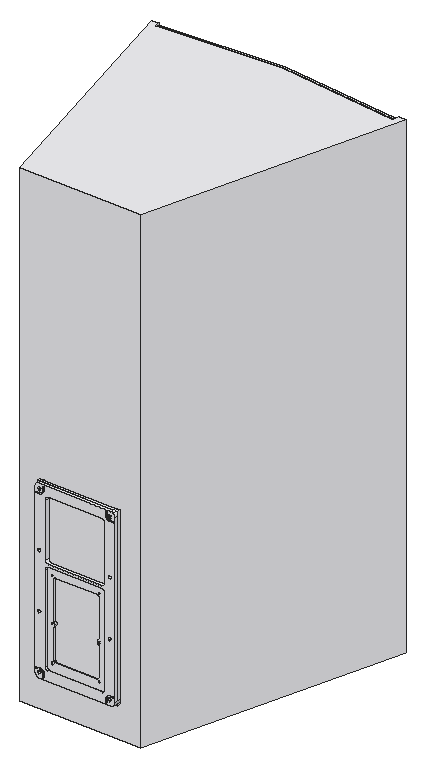
Revit family "EVF-1122D ", category Communication Devices, Revit 2017
Family settings
  Maintain Annotation Orientation = Yes
  Round Connector Dimension = Use Diameter
  Part Type = Normal
  OmniClass Number = 23.85.10.11.11.21
  OmniClass Title = Speakers
  Work Plane-Based = Yes
  Always vertical = Yes
  Cut with Voids When Loaded = No
  Shared = No
  Room Calculation Point = No
Parameters (values of type "EVF1122D99WLB_White_90X90_1X12_Two-Way")
  Version = "1"
  Uniclass2015Code = "Pr_60_75_08_02"
  URL = ""
  ProductInformation = "https://www.electrovoice.com/binary/EVF-1122D-96_Engineering_Data_Sheet.PDF"
  PlanningTools = "https://www.electrovoice.com/product.php?id=1090#downloads"
  ModelNumber = "F.01U.272.603"
  Model = ""
  MaterialRALColour = "RAL9010"
  ManufacturerURL = "https://www.electrovoice.com"
  Manufacturer = "Electro Voice"
  LoudspeakerMaterial [instance] = 13-plyWeather-resistantBirchEVCoat -RAL9010
  GrillMaterial [instance] = 16GA Powder-coatedGalvanneal - W
  FrontLength = 406.29 mm  # constant formula
  Default Elevation = 0.00 mm
  Cost = 0
  CTN = "EVF1122D99WLB"
  BackLength = 194.23 mm  # constant formula
  InstallationManual = "https://www.electrovoice.com/binary/EVF-1122D-96_Engineering_Data_Sheet.PDF"
  IfcExportType = "IfcBuildingElementProxyType"
  IfcExportAs = "IfcBuildingElementProxy"
  Height = 768.55 mm  # constant formula
  Disclaimer = "http://resource.boschsecurity.com/information/BIM/Disclaimer_Electrovoice.pdf"
  Description = "DH7N 76 mm diaphragm, 36 mm exit pure titanium compression driver.  Coverage pattern: 90° x 60° Constant DirectivityTM 12” rotatable waveguide, 97 dB sensitivity, 131 dB maximum SPL. System rating: 600 W continuous, 2400 W peak. Active rating: LF 500 W/HF 75 W continuous (2000 W/300 W peak). (22) M10 threaded suspension points. PI version available with gland nut and stainless-steel grille"
  Depth = 413.33 mm  # constant formula
  ArchitectsAndEngineersSpecs = "https://www.electrovoice.com/binary/EVF-1122D-96_Engineering_Data_Sheet.PDF"
Reference planes
  plane 1 "Center (Front/Back)": y = 0
  plane 2: z = 0
  plane 3 "Center (Left/Right)": x = 0
Forms (mm)
  Extrusion 1, solid, material "13-plyWeather-resistantBirchEVCoat -RAL9010" <- "LoudspeakerMaterial"
    sketch origin (24.271, 254.036, 0) x (-1, 0, 0) y (0, -1, 0)
      loop
        line (-72.844, 254.036) -> (-179.822, -145.21) -> (-169.469, -145.21) -> (-166.97, -135.882)
        arc (-166.97, -135.882) -> (24.396, -152.142) -> (215.87, -137.22) r 1182.839
        line (215.87, -137.22) -> (218.011, -145.21) -> (228.364, -145.21) -> (121.386, 254.036) -> (-72.844, 254.036)
    from 0 to 768.55
  Extrusion 2, solid, material "16GA Powder-coatedGalvanneal - W" <- "GrillMaterial", detail levels medium+fine
    sketch origin (0, 165.073, 0) x (1, 0, 0) y (0, 1, 0)
      loop
        arc (-192.036, 227.814) -> (-0.053, 243.21) -> (191.884, 227.246) r 1182.839
        line (191.884, 227.246) -> (192.872, 230.932)
        arc (192.872, 230.932) -> (-0.058, 246.95) -> (-193.037, 231.549) r 1192.839
        line (-193.037, 231.549) -> (-192.036, 227.814)
    from 0 to 767.55
  Extrusion 3, solid
    sketch origin (-218.643, 253.121, 151.949) x (0, 0, 1) y (0, -1, 0)
      loop
        line (-20.634, 250.621) -> (-5.289, 250.621) -> (-5.289, 253.121) -> (-20.634, 253.121) -> (-20.634, 250.621)
    from 217.781 to 244.634
Lines and regions (mm)
  model lines
    curve 1: line (97.115, 0, 0) -> (97.115, 0.5, 0)
  model lines, not visible, detail levels fine
    curve 2: circle (-140.029, 312.274, 0) r 11.11 normal (0, 0, 1)
    curve 3: circle (-140.029, 312.274, 0) r 11.06 normal (0, 0, 1)
    curve 4: circle (-140.029, 312.274, 0) r 8.06 normal (0, 0, 1)
    curve 5: line (-191.599, 391.256, 0) -> (-89.442, 10, 0)
    curve 6: circle (0, 197.855, 0) r 11.11 normal (0, 0, 1)
    curve 7: circle (0, 197.855, 0) r 11.06 normal (0, 0, 1)
    curve 8: circle (0, 197.855, 0) r 8.06 normal (0, 0, 1)
    curve 9: circle (0, 37.855, 0) r 11.11 normal (0, 0, 1)
    curve 10: circle (0, 37.855, 0) r 11.06 normal (0, 0, 1)
    curve 11: circle (0, 37.855, 0) r 8.06 normal (0, 0, 1)
    curve 12: circle (-60, 45.915, 0) r 11.11 normal (0, 0, 1)
    curve 13: circle (-60, 45.915, 0) r 11.06 normal (0, 0, 1)
    curve 14: circle (-60, 45.915, 0) r 8.06 normal (0, 0, 1)
    curve 15: circle (140.029, 312.274, 0) r 11.11 normal (0, 0, -1)
    curve 16: circle (140.029, 312.274, 0) r 11.06 normal (0, 0, -1)
    curve 17: circle (140.029, 312.274, 0) r 8.06 normal (0, 0, -1)
    curve 18: line (191.241, 389.918, 0) -> (89.442, 10, 0)
    curve 19: circle (60, 45.915, 0) r 11.11 normal (0, 0, -1)
    curve 20: circle (60, 45.915, 0) r 11.06 normal (0, 0, -1)
    curve 21: circle (60, 45.915, 0) r 8.06 normal (0, 0, -1)
    curve 22: line (-89.442, 10, 0) -> (89.442, 10, 0)
    curve 23: line (-97.115, 0, 0) -> (-89.442, 10, 0)
    curve 24: line (97.115, 0, 0) -> (89.442, 10, 0)
    curve 45: circle (-192.446, 355.779, 728.55) r 12 normal (-0.9659, -0.2588, 0)
    curve 46: circle (-192.446, 355.779, 728.55) r 8 normal (-0.9659, -0.2588, 0)
    curve 47: circle (-121.703, 91.763, 728.55) r 12 normal (-0.9659, -0.2588, 0)
    curve 48: circle (-121.703, 91.763, 728.55) r 8 normal (-0.9659, -0.2588, 0)
    curve 49: circle (-192.446, 355.779, 40) r 12 normal (-0.9659, -0.2588, 0)
    curve 50: circle (-192.446, 355.779, 40) r 8 normal (-0.9659, -0.2588, 0)
    curve 51: circle (-121.703, 91.763, 40) r 12 normal (-0.9659, -0.2588, 0)
    curve 52: circle (-121.703, 91.763, 40) r 8 normal (-0.9659, -0.2588, 0)
    curve 53: circle (-100.565, 12.875, 659.275) r 6 normal (0.9659, 0.2588, 0)
    curve 54: circle (-100.565, 12.875, 659.275) r 8 normal (0.9659, 0.2588, 0)
    curve 55: circle (-100.565, 12.875, 109.275) r 6 normal (-0.9659, -0.2588, 0)
    curve 56: circle (-100.565, 12.875, 109.275) r 8 normal (-0.9659, -0.2588, 0)
    curve 57: circle (-100.565, 12.875, 296.775) r 6 normal (-0.9659, -0.2588, 0)
    curve 58: circle (-100.565, 12.875, 296.775) r 8 normal (-0.9659, -0.2588, 0)
    curve 59: circle (-100.565, 12.875, 471.775) r 6 normal (0.9659, 0.2588, 0)
    curve 60: circle (-100.565, 12.875, 471.775) r 8 normal (0.9659, 0.2588, 0)
    curve 61: circle (0, 0, 728.55) r 12 normal (0, -1, 0)
    curve 62: circle (0, 0, 40) r 12 normal (0, -1, 0)
    curve 63: circle (0, 0, 40) r 8 normal (0, -1, 0)
    curve 64: circle (0, 0, 728.55) r 8 normal (0, -1, 0)
    curve 81: circle (192.446, 355.779, 728.55) r 12 normal (-0.9659, 0.2588, 0)
    curve 82: circle (192.446, 355.779, 728.55) r 8 normal (-0.9659, 0.2588, 0)
    curve 83: circle (121.703, 91.763, 728.55) r 12 normal (-0.9659, 0.2588, 0)
    curve 84: circle (121.703, 91.763, 728.55) r 8 normal (-0.9659, 0.2588, 0)
    curve 85: circle (192.446, 355.779, 40) r 12 normal (-0.9659, 0.2588, 0)
    curve 86: circle (192.446, 355.779, 40) r 8 normal (-0.9659, 0.2588, 0)
    curve 87: circle (121.703, 91.763, 40) r 12 normal (-0.9659, 0.2588, 0)
    curve 88: circle (121.703, 91.763, 40) r 8 normal (-0.9659, 0.2588, 0)
    curve 89: circle (100.565, 12.875, 659.275) r 6 normal (0.9659, -0.2588, 0)
    curve 90: circle (100.565, 12.875, 659.275) r 8 normal (0.9659, -0.2588, 0)
    curve 91: circle (100.565, 12.875, 109.275) r 6 normal (-0.9659, 0.2588, 0)
    curve 92: circle (100.565, 12.875, 109.275) r 8 normal (-0.9659, 0.2588, 0)
    curve 93: circle (100.565, 12.875, 296.775) r 6 normal (-0.9659, 0.2588, 0)
    curve 94: circle (100.565, 12.875, 296.775) r 8 normal (-0.9659, 0.2588, 0)
    curve 95: circle (100.565, 12.875, 471.775) r 6 normal (0.9659, -0.2588, 0)
    curve 96: circle (100.565, 12.875, 471.775) r 8 normal (0.9659, -0.2588, 0)
  model lines, detail levels fine
    curve 25: circle (0, 0, 728.55) r 12 normal (0, -1, 0)
    curve 26: circle (0, 0, 40) r 12 normal (0, -1, 0)
    curve 27: circle (0, 0, 40) r 8 normal (0, -1, 0)
    curve 28: circle (0, 0, 728.55) r 8 normal (0, -1, 0)
    curve 29: circle (-192.446, 355.779, 728.55) r 12 normal (-0.9659, -0.2588, 0)
    curve 30: circle (-192.446, 355.779, 728.55) r 8 normal (-0.9659, -0.2588, 0)
    curve 31: circle (-121.703, 91.763, 728.55) r 12 normal (-0.9659, -0.2588, 0)
    curve 32: circle (-121.703, 91.763, 728.55) r 8 normal (-0.9659, -0.2588, 0)
    curve 33: circle (-192.446, 355.779, 40) r 12 normal (-0.9659, -0.2588, 0)
    curve 34: circle (-192.446, 355.779, 40) r 8 normal (-0.9659, -0.2588, 0)
    curve 35: circle (-121.703, 91.763, 40) r 12 normal (-0.9659, -0.2588, 0)
    curve 36: circle (-121.703, 91.763, 40) r 8 normal (-0.9659, -0.2588, 0)
    curve 37: circle (-100.565, 12.875, 659.275) r 6 normal (0.9659, 0.2588, 0)
    curve 38: circle (-100.565, 12.875, 659.275) r 8 normal (0.9659, 0.2588, 0)
    curve 39: circle (-100.565, 12.875, 109.275) r 6 normal (-0.9659, -0.2588, 0)
    curve 40: circle (-100.565, 12.875, 109.275) r 8 normal (-0.9659, -0.2588, 0)
    curve 41: circle (-100.565, 12.875, 296.775) r 6 normal (-0.9659, -0.2588, 0)
    curve 42: circle (-100.565, 12.875, 296.775) r 8 normal (-0.9659, -0.2588, 0)
    curve 43: circle (-100.565, 12.875, 471.775) r 6 normal (0.9659, 0.2588, 0)
    curve 44: circle (-100.565, 12.875, 471.775) r 8 normal (0.9659, 0.2588, 0)
    curve 65: circle (192.446, 355.779, 728.55) r 12 normal (-0.9659, 0.2588, 0)
    curve 66: circle (192.446, 355.779, 728.55) r 8 normal (-0.9659, 0.2588, 0)
    curve 67: circle (121.703, 91.763, 728.55) r 12 normal (-0.9659, 0.2588, 0)
    curve 68: circle (121.703, 91.763, 728.55) r 8 normal (-0.9659, 0.2588, 0)
    curve 69: circle (192.446, 355.779, 40) r 12 normal (-0.9659, 0.2588, 0)
    curve 70: circle (192.446, 355.779, 40) r 8 normal (-0.9659, 0.2588, 0)
    curve 71: circle (121.703, 91.763, 40) r 12 normal (-0.9659, 0.2588, 0)
    curve 72: circle (121.703, 91.763, 40) r 8 normal (-0.9659, 0.2588, 0)
    curve 73: circle (100.565, 12.875, 659.275) r 6 normal (0.9659, -0.2588, 0)
    curve 74: circle (100.565, 12.875, 659.275) r 8 normal (0.9659, -0.2588, 0)
    curve 75: circle (100.565, 12.875, 109.275) r 6 normal (-0.9659, 0.2588, 0)
    curve 76: circle (100.565, 12.875, 109.275) r 8 normal (-0.9659, 0.2588, 0)
    curve 77: circle (100.565, 12.875, 296.775) r 6 normal (-0.9659, 0.2588, 0)
    curve 78: circle (100.565, 12.875, 296.775) r 8 normal (-0.9659, 0.2588, 0)
    curve 79: circle (100.565, 12.875, 471.775) r 6 normal (0.9659, -0.2588, 0)
    curve 80: circle (100.565, 12.875, 471.775) r 8 normal (0.9659, -0.2588, 0)
    curve 97: circle (-140.029, 312.274, 768.55) r 11.11 normal (0, 0, 1)
    curve 98: circle (-140.029, 312.274, 768.55) r 11.06 normal (0, 0, 1)
    curve 99: circle (-140.029, 312.274, 768.55) r 8.06 normal (0, 0, 1)
    curve 100: line (-191.599, 391.256, 768.55) -> (-89.442, 10, 768.55)
    curve 101: circle (0, 197.855, 768.55) r 11.11 normal (0, 0, 1)
    curve 102: circle (0, 197.855, 768.55) r 11.06 normal (0, 0, 1)
    curve 103: circle (0, 197.855, 768.55) r 8.06 normal (0, 0, 1)
    curve 104: circle (0, 37.855, 768.55) r 11.11 normal (0, 0, 1)
    curve 105: circle (0, 37.855, 768.55) r 11.06 normal (0, 0, 1)
    curve 106: circle (0, 37.855, 768.55) r 8.06 normal (0, 0, 1)
    curve 107: circle (-60, 45.915, 768.55) r 11.11 normal (0, 0, 1)
    curve 108: circle (-60, 45.915, 768.55) r 11.06 normal (0, 0, 1)
    curve 109: circle (-60, 45.915, 768.55) r 8.06 normal (0, 0, 1)
    curve 110: circle (140.029, 312.274, 768.55) r 11.11 normal (0, 0, -1)
    curve 111: circle (140.029, 312.274, 768.55) r 11.06 normal (0, 0, -1)
    curve 112: circle (140.029, 312.274, 768.55) r 8.06 normal (0, 0, -1)
    curve 113: line (191.241, 389.918, 768.55) -> (89.442, 10, 768.55)
    curve 114: circle (60, 45.915, 768.55) r 11.11 normal (0, 0, -1)
    curve 115: circle (60, 45.915, 768.55) r 11.06 normal (0, 0, -1)
    curve 116: circle (60, 45.915, 768.55) r 8.06 normal (0, 0, -1)
    curve 117: line (-89.442, 10, 768.55) -> (89.442, 10, 768.55)
    curve 118: line (-97.115, 0, 768.55) -> (-89.442, 10, 768.55)
    curve 119: line (97.115, 0, 768.55) -> (89.442, 10, 768.55)
Dimensions and locks
  "BackLength": curve 118 to curve 1
  "Height": level to Extrusion 1
  "Height": Extrusion 1 to Extrusion 1
  "Depth": curve 118 to Extrusion 1
  equal spacing: curve 118, plane 3 "Center (Left/Right)", curve 119, locked at 97.115 each
  angle Extrusion 1 to Extrusion 1 = 30.00°
  aligned and locked: plane 2 to level
Automatic sketch dimensions
  plane 1 "Center (Front/Back)" to curve 1 = 0.00 mm
  curve 1 to plane 1 "Center (Front/Back)" = 0.50 mm
  curve 25 to curve 28 = 0.00 mm  (x4)
  curve 28 to curve 27 = 0.00 mm
  curve 27 to curve 28 = 688.55 mm
  curve 26 to curve 27 = 0.00 mm  (x2)
  curve 61 to curve 64 = 0.00 mm  (x4)
  curve 64 to curve 63 = 0.00 mm
  curve 63 to curve 64 = 688.55 mm
  curve 62 to curve 63 = 0.00 mm  (x2)
  curve 29 to curve 30 = 0.00 mm  (x2)
  curve 31 to curve 32 = 0.00 mm  (x2)
  curve 33 to curve 34 = 0.00 mm  (x2)
  curve 35 to curve 36 = 0.00 mm  (x2)
  curve 37 to curve 38 = 0.00 mm  (x2)
  curve 39 to curve 40 = 0.00 mm  (x2)
  curve 41 to curve 42 = 0.00 mm  (x2)
  curve 43 to curve 44 = 0.00 mm  (x2)
  curve 34 to curve 29 = 0.00 mm
  curve 30 to curve 32 = 273.329 mm
  curve 34 to curve 35 = 273.329 mm
  curve 32 to curve 37 = 81.671 mm
  curve 36 to curve 39 = 81.671 mm
  curve 41 to curve 39 = 0.00 mm
  curve 43 to curve 41 = 0.00 mm
  curve 34 to curve 36 = 0.00 mm
  curve 36 to curve 40 = 69.275 mm
  curve 39 to curve 42 = 187.50 mm
  curve 41 to curve 43 = 175.00 mm
  curve 43 to curve 38 = 187.50 mm
  curve 37 to curve 31 = 69.275 mm
  curve 30 to curve 31 = 0.00 mm
  curve 65 to curve 66 = 0.00 mm  (x2)
  curve 67 to curve 68 = 0.00 mm  (x2)
  curve 69 to curve 70 = 0.00 mm  (x2)
  curve 71 to curve 72 = 0.00 mm  (x2)
  curve 73 to curve 74 = 0.00 mm  (x2)
  curve 75 to curve 76 = 0.00 mm  (x2)
  curve 77 to curve 78 = 0.00 mm  (x2)
  curve 79 to curve 80 = 0.00 mm  (x2)
  curve 70 to curve 65 = 0.00 mm
  curve 66 to curve 68 = 273.329 mm
  curve 70 to curve 71 = 273.329 mm
  curve 68 to curve 73 = 81.671 mm
  curve 72 to curve 75 = 81.671 mm
  curve 77 to curve 75 = 0.00 mm
  curve 79 to curve 77 = 0.00 mm
  curve 67 to curve 66 = 0.00 mm
  curve 68 to curve 74 = 69.275 mm
  curve 73 to curve 79 = 187.50 mm
  curve 79 to curve 77 = 175.00 mm
  curve 77 to curve 75 = 187.50 mm
  curve 75 to curve 70 = 69.275 mm
  curve 75 to curve 72 = 69.275 mm
  curve 45 to curve 46 = 0.00 mm  (x2)
  curve 47 to curve 48 = 0.00 mm  (x2)
  curve 49 to curve 50 = 0.00 mm  (x2)
  curve 51 to curve 52 = 0.00 mm  (x2)
  curve 53 to curve 54 = 0.00 mm  (x2)
  curve 55 to curve 56 = 0.00 mm  (x2)
  curve 57 to curve 58 = 0.00 mm  (x2)
  curve 59 to curve 60 = 0.00 mm  (x2)
  curve 50 to curve 45 = 0.00 mm
  curve 46 to curve 48 = 273.329 mm
  curve 50 to curve 51 = 273.329 mm
  curve 48 to curve 53 = 81.671 mm
  curve 52 to curve 55 = 81.671 mm
  curve 57 to curve 55 = 0.00 mm
  curve 59 to curve 57 = 0.00 mm
  curve 50 to curve 52 = 0.00 mm
  curve 52 to curve 56 = 69.275 mm
  curve 55 to curve 58 = 187.50 mm
  curve 57 to curve 59 = 175.00 mm
  curve 59 to curve 54 = 187.50 mm
  curve 53 to curve 47 = 69.275 mm
  curve 46 to curve 47 = 0.00 mm
  curve 81 to curve 82 = 0.00 mm  (x2)
  curve 83 to curve 84 = 0.00 mm  (x2)
  curve 85 to curve 86 = 0.00 mm  (x2)
  curve 87 to curve 88 = 0.00 mm  (x2)
  curve 89 to curve 90 = 0.00 mm  (x2)
  curve 91 to curve 92 = 0.00 mm  (x2)
  curve 93 to curve 94 = 0.00 mm  (x2)
  curve 95 to curve 96 = 0.00 mm  (x2)
  curve 86 to curve 81 = 0.00 mm
  curve 82 to curve 84 = 273.329 mm
  curve 86 to curve 87 = 273.329 mm
  curve 84 to curve 89 = 81.671 mm
  curve 88 to curve 91 = 81.671 mm
  curve 93 to curve 91 = 0.00 mm
  curve 95 to curve 93 = 0.00 mm
  curve 83 to curve 82 = 0.00 mm
  curve 84 to curve 90 = 69.275 mm
  curve 89 to curve 95 = 187.50 mm
  curve 95 to curve 93 = 175.00 mm
  curve 93 to curve 91 = 187.50 mm
  curve 91 to curve 86 = 69.275 mm
  curve 91 to curve 88 = 69.275 mm
  Extrusion 3 sketch curve to plane 1 "Center (Front/Back)" = 0.00 mm
  level to Extrusion 3 sketch curve = 131.315 mm
  Extrusion 3 sketch curve to Extrusion 3 sketch curve = 15.346 mm
  Extrusion 3 sketch curve to plane 1 "Center (Front/Back)" = 2.50 mm
  Extrusion 2 sketch curve to plane 3 "Center (Left/Right)" = 1.802 mm
  Extrusion 2 sketch curve to plane 3 "Center (Left/Right)" = 1.964 mm
  Extrusion 2 sketch curve to plane 3 "Center (Left/Right)" = 192.036 mm
  Extrusion 2 sketch curve to Extrusion 2 sketch curve = 1.001 mm
  plane 3 "Center (Left/Right)" to Extrusion 2 sketch curve = 191.884 mm
  Extrusion 2 sketch curve to Extrusion 2 sketch curve = 0.988 mm
  plane 1 "Center (Front/Back)" to Extrusion 2 sketch curve = 780.814 mm
  Extrusion 2 sketch curve to Extrusion 2 sketch curve = 6.26 mm
  Extrusion 2 sketch curve to plane 1 "Center (Front/Back)" = 392.32 mm
  Extrusion 2 sketch curve to Extrusion 2 sketch curve = 3.686 mm
  plane 1 "Center (Front/Back)" to Extrusion 1 sketch curve = 0.00 mm
  plane 3 "Center (Left/Right)" to Extrusion 1 sketch curve = 204.093 mm
  Extrusion 1 sketch curve to Extrusion 1 sketch curve = 10.353 mm  (x2)
  Extrusion 1 sketch curve to Extrusion 1 sketch curve = 2.499 mm
  plane 3 "Center (Left/Right)" to Extrusion 1 sketch curve = 97.115 mm
  Extrusion 1 sketch curve to plane 3 "Center (Left/Right)" = 4.258 mm
  Extrusion 1 sketch curve to plane 3 "Center (Left/Right)" = 97.115 mm
  Extrusion 1 sketch curve to plane 3 "Center (Left/Right)" = 191.599 mm
  Extrusion 1 sketch curve to Extrusion 1 sketch curve = 2.141 mm
  Extrusion 1 sketch curve to plane 1 "Center (Front/Back)" = 389.918 mm
  Extrusion 1 sketch curve to Extrusion 1 sketch curve = 9.328 mm
  Extrusion 1 sketch curve to Extrusion 1 sketch curve = 7.99 mm
  plane 1 "Center (Front/Back)" to Extrusion 1 sketch curve = 776.653 mm
  curve 97 to curve 98 = 0.00 mm  (x2)
  curve 97 to curve 99 = 0.00 mm  (x2)
  curve 98 to curve 99 = 0.00 mm  (x2)
  curve 101 to curve 102 = 0.00 mm  (x2)
  curve 101 to curve 103 = 0.00 mm  (x2)
  curve 102 to curve 103 = 0.00 mm  (x2)
  curve 104 to curve 105 = 0.00 mm  (x2)
  curve 104 to curve 106 = 0.00 mm  (x2)
  curve 105 to curve 106 = 0.00 mm  (x2)
  curve 107 to curve 108 = 0.00 mm  (x2)
  curve 107 to curve 109 = 0.00 mm  (x2)
  curve 108 to curve 109 = 0.00 mm  (x2)
  curve 110 to curve 111 = 0.00 mm  (x2)
  curve 110 to curve 112 = 0.00 mm  (x2)
  curve 111 to curve 112 = 0.00 mm  (x2)
  curve 114 to curve 115 = 0.00 mm  (x2)
  curve 114 to curve 116 = 0.00 mm  (x2)
  curve 115 to curve 116 = 0.00 mm  (x2)
  curve 97 to curve 100 = 50.587 mm
  curve 117 to curve 109 = 29.442 mm
  curve 107 to curve 103 = 60.00 mm
  curve 107 to curve 106 = 60.00 mm
  curve 104 to curve 115 = 60.00 mm
  curve 114 to curve 113 = 29.442 mm
  curve 101 to curve 111 = 140.029 mm
  curve 117 to curve 105 = 27.855 mm
  curve 117 to curve 107 = 35.915 mm
  curve 113 to curve 116 = 35.915 mm
  curve 104 to curve 101 = 160.00 mm
  curve 101 to curve 110 = 114.419 mm
  curve 101 to curve 99 = 114.419 mm
  curve 100 to curve 97 = 51.57 mm
  curve 118 to curve 100 = 7.673 mm
  curve 113 to curve 119 = 7.673 mm
  curve 110 to curve 113 = 51.212 mm
  curve 118 to curve 100 = 10.00 mm
  curve 119 to curve 113 = 10.00 mm
  curve 110 to curve 113 = 77.644 mm
  curve 97 to curve 100 = 78.982 mm
  curve 2 to curve 3 = 0.00 mm  (x2)
  curve 2 to curve 4 = 0.00 mm  (x2)
  curve 3 to curve 4 = 0.00 mm  (x2)
  curve 6 to curve 7 = 0.00 mm  (x2)
  curve 6 to curve 8 = 0.00 mm  (x2)
  curve 7 to curve 8 = 0.00 mm  (x2)
  curve 9 to curve 10 = 0.00 mm  (x2)
  curve 9 to curve 11 = 0.00 mm  (x2)
  curve 10 to curve 11 = 0.00 mm  (x2)
  curve 12 to curve 13 = 0.00 mm  (x2)
  curve 12 to curve 14 = 0.00 mm  (x2)
  curve 13 to curve 14 = 0.00 mm  (x2)
  curve 15 to curve 16 = 0.00 mm  (x2)
  curve 15 to curve 17 = 0.00 mm  (x2)
  curve 16 to curve 17 = 0.00 mm  (x2)
  curve 19 to curve 20 = 0.00 mm  (x2)
  curve 19 to curve 21 = 0.00 mm  (x2)
  curve 20 to curve 21 = 0.00 mm  (x2)
  curve 2 to curve 5 = 50.587 mm
  curve 22 to curve 14 = 29.442 mm
  curve 12 to curve 8 = 60.00 mm
  curve 12 to curve 11 = 60.00 mm
  curve 9 to curve 20 = 60.00 mm
  curve 19 to curve 18 = 29.442 mm
  curve 6 to curve 16 = 140.029 mm
  curve 22 to curve 10 = 27.855 mm
  curve 22 to curve 12 = 35.915 mm
  curve 18 to curve 21 = 35.915 mm
  curve 9 to curve 6 = 160.00 mm
  curve 6 to curve 15 = 114.419 mm
  curve 6 to curve 4 = 114.419 mm
  curve 5 to curve 2 = 51.57 mm
  curve 23 to curve 5 = 7.673 mm
  curve 18 to curve 24 = 7.673 mm
  curve 15 to curve 18 = 51.212 mm
  curve 23 to curve 5 = 10.00 mm
  curve 24 to curve 18 = 10.00 mm
  curve 15 to curve 18 = 77.644 mm
  curve 2 to curve 5 = 78.982 mm
  plane 3 "Center (Left/Right)" to curve 1 = 97.115 mm
  radius of curve 28 = 8.00 mm
  radius of curve 25 = 12.00 mm
  radius of curve 27 = 8.00 mm
  radius of curve 26 = 12.00 mm
  radius of curve 64 = 8.00 mm
  radius of curve 61 = 12.00 mm
  radius of curve 63 = 8.00 mm
  radius of curve 62 = 12.00 mm
  radius of curve 29 = 12.00 mm
  radius of curve 30 = 8.00 mm
  radius of curve 31 = 12.00 mm
  radius of curve 32 = 8.00 mm
  radius of curve 33 = 12.00 mm
  radius of curve 34 = 8.00 mm
  radius of curve 35 = 12.00 mm
  radius of curve 36 = 8.00 mm
  radius of curve 37 = 6.00 mm
  radius of curve 38 = 8.00 mm
  radius of curve 39 = 6.00 mm
  radius of curve 40 = 8.00 mm
  radius of curve 41 = 6.00 mm
  radius of curve 42 = 8.00 mm
  radius of curve 43 = 6.00 mm
  radius of curve 44 = 8.00 mm
  radius of curve 65 = 12.00 mm
  radius of curve 66 = 8.00 mm
  radius of curve 67 = 12.00 mm
  radius of curve 68 = 8.00 mm
  radius of curve 69 = 12.00 mm
  radius of curve 70 = 8.00 mm
  radius of curve 71 = 12.00 mm
  radius of curve 72 = 8.00 mm
  radius of curve 73 = 6.00 mm
  radius of curve 74 = 8.00 mm
  radius of curve 75 = 6.00 mm
  radius of curve 76 = 8.00 mm
  radius of curve 77 = 6.00 mm
  radius of curve 78 = 8.00 mm
  radius of curve 79 = 6.00 mm
  radius of curve 80 = 8.00 mm
  radius of curve 45 = 12.00 mm
  radius of curve 46 = 8.00 mm
  radius of curve 47 = 12.00 mm
  radius of curve 48 = 8.00 mm
  radius of curve 49 = 12.00 mm
  radius of curve 50 = 8.00 mm
  radius of curve 51 = 12.00 mm
  radius of curve 52 = 8.00 mm
  radius of curve 53 = 6.00 mm
  radius of curve 54 = 8.00 mm
  radius of curve 55 = 6.00 mm
  radius of curve 56 = 8.00 mm
  radius of curve 57 = 6.00 mm
  radius of curve 58 = 8.00 mm
  radius of curve 59 = 6.00 mm
  radius of curve 60 = 8.00 mm
  radius of curve 81 = 12.00 mm
  radius of curve 82 = 8.00 mm
  radius of curve 83 = 12.00 mm
  radius of curve 84 = 8.00 mm
  radius of curve 85 = 12.00 mm
  radius of curve 86 = 8.00 mm
  radius of curve 87 = 12.00 mm
  radius of curve 88 = 8.00 mm
  radius of curve 89 = 6.00 mm
  radius of curve 90 = 8.00 mm
  radius of curve 91 = 6.00 mm
  radius of curve 92 = 8.00 mm
  radius of curve 93 = 6.00 mm
  radius of curve 94 = 8.00 mm
  radius of curve 95 = 6.00 mm
  radius of curve 96 = 8.00 mm
  radius of curve 97 = 11.11 mm
  radius of curve 98 = 11.06 mm
  radius of curve 99 = 8.06 mm
  radius of curve 101 = 11.11 mm
  radius of curve 102 = 11.06 mm
  radius of curve 103 = 8.06 mm
  radius of curve 104 = 11.11 mm
  radius of curve 105 = 11.06 mm
  radius of curve 106 = 8.06 mm
  radius of curve 107 = 11.11 mm
  radius of curve 108 = 11.06 mm
  radius of curve 109 = 8.06 mm
  radius of curve 110 = 11.11 mm
  radius of curve 111 = 11.06 mm
  radius of curve 112 = 8.06 mm
  radius of curve 114 = 11.11 mm
  radius of curve 115 = 11.06 mm
  radius of curve 116 = 8.06 mm
  radius of curve 2 = 11.11 mm
  radius of curve 3 = 11.06 mm
  radius of curve 4 = 8.06 mm
  radius of curve 6 = 11.11 mm
  radius of curve 7 = 11.06 mm
  radius of curve 8 = 8.06 mm
  radius of curve 9 = 11.11 mm
  radius of curve 10 = 11.06 mm
  radius of curve 11 = 8.06 mm
  radius of curve 12 = 11.11 mm
  radius of curve 13 = 11.06 mm
  radius of curve 14 = 8.06 mm
  radius of curve 15 = 11.11 mm
  radius of curve 16 = 11.06 mm
  radius of curve 17 = 8.06 mm
  radius of curve 19 = 11.11 mm
  radius of curve 20 = 11.06 mm
  radius of curve 21 = 8.06 mm
Nested families
  nested 1: "InputPanelV" at (0.196, -0.022, 51.922), LoudspeakerMaterial <- "LoudspeakerMaterial", type "InputPanelV", detail levels medium+fine
    with LoudspeakerMaterial 13-plyWeather-resistantBirchEVCoat -RAL9010
  nested 2: "L-EV" at (3.022, 412.165, 88.55) x (-1, 0, 0) z (0, 0, 1), type "L-EV", detail levels medium+fine
Connectors
  electrical at (12.565, 0, 138.988)
    settings: on Extrusion 3, index 5, voltage 0 V, apparent load 0 VA, apparent load phase1 0 VA, apparent load phase2 0 VA, apparent load phase3 0 VA, power factor 1, load classification "Other", number of poles 1, system type 31, power factor state 1, is connector primary yes, connector utility no, sub classification motor no, connector description ""
Definition of nested family "InputPanelV"
  Parameters (values of type "InputPanelV")
    Material = "RAL9004"
    LoudspeakerMaterial [instance] = none
    Default Elevation = 1219.20 mm
  Reference planes
    plane 1 "Center (Front/Back)": y = 0
    plane 2: z = 0
    plane 3 "Center (Left/Right)": x = 0
  Forms (mm)
    Extrusion 1, solid, material <- "LoudspeakerMaterial", not visible
      sketch origin (-134.089, -0.5, 42.57) x (0, 0, -1) y (1, 0, 0)
        loop
          arc (-236.652, 198.043) -> (-237.266, 197.789) -> (-237.521, 197.174) r 0.869
          line (-237.521, 197.174) -> (-237.521, 70.264)
          arc (-237.521, 70.264) -> (-237.266, 69.649) -> (-236.652, 69.395) r 0.869
          line (-236.652, 69.395) -> (41.701, 69.395)
          arc (41.701, 69.395) -> (42.316, 69.649) -> (42.57, 70.264) r 0.869
          line (42.57, 70.264) -> (42.57, 197.174)
          arc (42.57, 197.174) -> (42.316, 197.789) -> (41.701, 198.043) r 0.869
          line (41.701, 198.043) -> (-236.652, 198.043)
      from 0 to -0.5
    Extrusion 2, solid, material <- "LoudspeakerMaterial", detail levels medium+fine
      sketch origin (-61.076, 0, 141.306) x (0, 0, -1) y (1, 0, 0)
        loop
          line (134.909, 125.031) -> (-132.479, 125.031)
          arc (-132.479, 125.031) -> (-136.938, 123.184) -> (-138.785, 118.724) r 6.306
          line (-138.785, 118.724) -> (-138.785, 2.656)
          arc (-138.785, 2.656) -> (-137.145, -1.571) -> (-133.106, -3.618) r 6.306
          line (-133.106, -3.618) -> (134.923, -3.618)
          arc (134.923, -3.618) -> (139.382, -1.771) -> (141.229, 2.689) r 6.306
          line (141.229, 2.689) -> (141.215, 118.725)
          arc (141.215, 118.725) -> (139.367, 123.184) -> (134.909, 125.031) r 6.306
        loop
          line (-32, 109) -> (-119, 109)
          arc (-119, 109) -> (-122.536, 107.536) -> (-124, 104) r 5
          line (-124, 104) -> (-124, 18.073)
          arc (-124, 18.073) -> (-122.536, 14.537) -> (-119, 13.073) r 5
          line (-119, 13.073) -> (-32, 13.068)
          arc (-32, 13.068) -> (-28.464, 14.537) -> (-27, 18.073) r 5
          line (-27, 18.073) -> (-27, 104)
          arc (-27, 104) -> (-28.464, 107.536) -> (-32, 109) r 5
        loop
          line (121.931, 109) -> (-17.996, 109)
          arc (-17.996, 109) -> (-21.532, 107.536) -> (-22.996, 104) r 5
          line (-22.996, 104) -> (-22.996, 18.073)
          arc (-22.996, 18.073) -> (-21.532, 14.537) -> (-17.996, 13.073) r 5
          line (-17.996, 13.073) -> (121.931, 13.068)
          arc (121.931, 13.068) -> (125.466, 14.537) -> (126.931, 18.073) r 5
          line (126.931, 18.073) -> (126.931, 104)
          arc (126.931, 104) -> (125.466, 107.536) -> (121.931, 109) r 5
        loop
          circle (-131.217, 117.431) r 2.623
        loop
          circle (-43.03, 117.431) r 2.623
        loop
          circle (45.408, 117.431) r 2.623
        loop
          circle (133.136, 117.431) r 2.623
        loop
          circle (-131.469, 3.695) r 2.623
        loop
          circle (-43.281, 3.695) r 2.623
        loop
          circle (45.157, 3.695) r 2.623
        loop
          circle (132.885, 3.695) r 2.623
      from 0 to 10
    Extrusion 3, solid, material <- "LoudspeakerMaterial", detail levels fine
      sketch origin (-61.076, 0, 141.306) x (0, 0, -1) y (1, 0, 0)
        loop
          arc (-17.996, 109) -> (-21.532, 107.536) -> (-22.996, 104) r 5
          line (-22.996, 104) -> (-22.996, 18.073)
          arc (-22.996, 18.073) -> (-21.53, 14.535) -> (-17.996, 13.068) r 5
          line (-17.996, 13.068) -> (121.931, 13.073)
          arc (121.931, 13.073) -> (125.466, 14.537) -> (126.931, 18.073) r 5
          line (126.931, 18.073) -> (126.931, 104)
          arc (126.931, 104) -> (125.466, 107.536) -> (121.931, 109) r 5
          line (121.931, 109) -> (-17.996, 109)
        loop
          line (54.039, 97.778) -> (-7.991, 97.77)
          arc (-7.991, 97.77) -> (-8.799, 96.096) -> (-10.285, 94.977) r 3.948
          line (-10.285, 94.977) -> (-10.277, 26.4)
          arc (-10.277, 26.4) -> (-8.791, 25.282) -> (-7.981, 23.608) r 3.948
          line (-7.981, 23.608) -> (54.048, 23.615)
          arc (54.048, 23.615) -> (57.907, 26.731) -> (61.766, 23.616) r 3.948
          line (61.766, 23.616) -> (111.183, 23.622)
          arc (111.183, 23.622) -> (111.992, 25.297) -> (113.478, 26.415) r 3.948
          line (113.478, 26.415) -> (113.47, 94.993)
          arc (113.47, 94.993) -> (111.984, 96.11) -> (111.174, 97.785) r 3.948
          line (111.174, 97.785) -> (61.757, 97.779)
          arc (61.757, 97.779) -> (57.899, 94.663) -> (54.039, 97.778) r 3.948
        loop
          circle (57.898, 98.611) r 1.593
        loop
          circle (57.898, 22.673) r 1.593
        loop
          circle (114.809, 98.611) r 1.593
        loop
          circle (114.809, 22.673) r 1.593
        loop
          circle (-11.512, 98.611) r 1.593
        loop
          circle (-11.512, 22.673) r 1.593
      from 7.5 to 5
    Extrusion 4, solid, material <- "LoudspeakerMaterial", detail levels fine
      sketch origin (-61.076, -5, 141.306) x (0, 0, -1) y (1, 0, 0)
        loop
          arc (-136.087, 111.908) -> (-136.669, 111.554) -> (-136.853, 110.898) r 0.929
          line (-136.853, 110.898) -> (-130.706, 110.884)
          arc (-130.706, 110.884) -> (-126.61, 112.865) -> (-124.668, 116.98) r 6.83
          line (-124.668, 116.98) -> (-124.689, 123.07)
          arc (-124.689, 123.07) -> (-125.343, 122.884) -> (-125.696, 122.302) r 0.93
          line (-125.696, 122.302) -> (-125.681, 117.428)
          arc (-125.681, 117.428) -> (-127.297, 113.511) -> (-131.213, 111.895) r 5.516
          line (-131.213, 111.895) -> (-136.087, 111.908)
        loop
          line (-136.087, 9.439) -> (-131.213, 9.451)
          arc (-131.213, 9.451) -> (-127.297, 7.835) -> (-125.681, 3.918) r 5.516
          line (-125.681, 3.918) -> (-125.696, -0.955)
          arc (-125.696, -0.955) -> (-125.343, -1.537) -> (-124.689, -1.723) r 0.93
          line (-124.689, -1.723) -> (-124.668, 4.366)
          arc (-124.668, 4.366) -> (-126.61, 8.481) -> (-130.706, 10.463) r 6.83
          line (-130.706, 10.463) -> (-136.853, 10.449)
          arc (-136.853, 10.449) -> (-136.669, 9.793) -> (-136.087, 9.439) r 0.929
        loop
          line (138.516, 111.908) -> (133.643, 111.895)
          arc (133.643, 111.895) -> (129.726, 113.511) -> (128.11, 117.428) r 5.516
          line (128.11, 117.428) -> (128.125, 122.302)
          arc (128.125, 122.302) -> (127.773, 122.884) -> (127.118, 123.07) r 0.93
          line (127.118, 123.07) -> (127.098, 116.98)
          arc (127.098, 116.98) -> (129.04, 112.865) -> (133.136, 110.884) r 6.83
          line (133.136, 110.884) -> (139.283, 110.898)
          arc (139.283, 110.898) -> (139.098, 111.554) -> (138.516, 111.908) r 0.929
        loop
          arc (138.516, 9.439) -> (139.098, 9.793) -> (139.283, 10.449) r 0.929
          line (139.283, 10.449) -> (133.136, 10.463)
          arc (133.136, 10.463) -> (129.04, 8.481) -> (127.098, 4.366) r 6.83
          line (127.098, 4.366) -> (127.118, -1.723)
          arc (127.118, -1.723) -> (127.773, -1.537) -> (128.125, -0.955) r 0.93
          line (128.125, -0.955) -> (128.11, 3.918)
          arc (128.11, 3.918) -> (129.726, 7.835) -> (133.643, 9.451) r 5.516
          line (133.643, 9.451) -> (138.516, 9.439)
      from 6 to 5
    Extrusion 5, solid, material <- "LoudspeakerMaterial"
      sketch origin (-61.076, 0, 141.306) x (0, 0, -1) y (1, 0, 0)
        loop
          line (-138.785, 125.031) -> (-138.785, -3.618) -> (141.23, -3.618) -> (141.214, 125.031) -> (-138.785, 125.031)
      from 0 to 4.337
  Lines and regions (mm)
    model lines, not visible
      curve 1: arc (59.415, -9.5, 70.232) -> (59.756, -9.5, 68.636) -> (60.858, -9.5, 67.432) r 3.109
      curve 2: arc (59.414, -9.5, 82.845) -> (59.754, -9.5, 81.249) -> (60.857, -9.5, 80.045) r 3.109
      curve 3: arc (59.417, -9.5, 63.926) -> (59.752, -9.5, 62.34) -> (60.84, -9.5, 61.139) r 3.108
      curve 4: arc (59.415, -9.5, 76.539) -> (59.75, -9.5, 74.953) -> (60.838, -9.5, 73.752) r 3.108
      curve 5: arc (60.711, -9.5, 72.945) -> (59.72, -9.5, 71.753) -> (59.414, -9.5, 70.232) r 3.166
      curve 6: arc (60.71, -9.5, 85.557) -> (59.718, -9.5, 84.365) -> (59.412, -9.5, 82.845) r 3.166
      curve 7: arc (60.712, -9.5, 66.637) -> (59.721, -9.5, 65.445) -> (59.415, -9.5, 63.926) r 3.165
      curve 8: arc (60.71, -9.5, 79.25) -> (59.72, -9.5, 78.058) -> (59.414, -9.5, 76.539) r 3.165
      curve 9: arc (59.062, -9.5, 76.539) -> (58.721, -9.5, 78.135) -> (57.618, -9.5, 79.339) r 3.109
      curve 10: arc (59.063, -9.5, 63.926) -> (58.723, -9.5, 65.522) -> (57.62, -9.5, 66.726) r 3.109
      curve 11: arc (59.06, -9.5, 82.845) -> (58.725, -9.5, 84.431) -> (57.637, -9.5, 85.632) r 3.108
      curve 12: arc (59.062, -9.5, 70.232) -> (58.726, -9.5, 71.818) -> (57.638, -9.5, 73.019) r 3.108
      curve 13: arc (57.765, -9.5, 73.826) -> (58.757, -9.5, 75.018) -> (59.063, -9.5, 76.539) r 3.166
      curve 14: arc (57.767, -9.5, 61.214) -> (58.758, -9.5, 62.406) -> (59.065, -9.5, 63.926) r 3.166
      curve 15: arc (57.765, -9.5, 80.134) -> (58.756, -9.5, 81.326) -> (59.062, -9.5, 82.845) r 3.165
      curve 16: arc (57.767, -9.5, 67.521) -> (58.757, -9.5, 68.713) -> (59.063, -9.5, 70.232) r 3.165
      curve 17: arc (62.678, -9.5, 67.687) -> (63.752, -9.5, 68.757) -> (64.103, -9.5, 70.233) r 2.775
      curve 18: arc (63.369, -9.5, 67.367) -> (64.444, -9.5, 68.62) -> (64.794, -9.5, 70.233) r 3.371
      curve 19: arc (62.678, -9.5, 67.687) -> (62.999, -9.5, 67.474) -> (63.369, -9.5, 67.367) r 1.273
      curve 20: arc (62.676, -9.5, 80.299) -> (63.75, -9.5, 81.37) -> (64.101, -9.5, 82.846) r 2.775
      curve 21: arc (63.368, -9.5, 79.98) -> (64.442, -9.5, 81.233) -> (64.793, -9.5, 82.846) r 3.371
      curve 22: arc (62.676, -9.5, 80.299) -> (62.998, -9.5, 80.087) -> (63.368, -9.5, 79.98) r 1.273
      curve 23: arc (62.679, -9.5, 61.381) -> (63.752, -9.5, 62.452) -> (64.103, -9.5, 63.927) r 2.774
      curve 24: arc (63.37, -9.5, 61.062) -> (64.444, -9.5, 62.315) -> (64.794, -9.5, 63.927) r 3.37
      curve 25: arc (62.679, -9.5, 61.381) -> (63, -9.5, 61.169) -> (63.37, -9.5, 61.062) r 1.273
      curve 26: arc (62.677, -9.5, 73.994) -> (63.751, -9.5, 75.064) -> (64.101, -9.5, 76.539) r 2.774
      curve 27: arc (63.369, -9.5, 73.675) -> (64.442, -9.5, 74.927) -> (64.793, -9.5, 76.539) r 3.37
      curve 28: arc (62.677, -9.5, 73.994) -> (62.998, -9.5, 73.781) -> (63.369, -9.5, 73.675) r 1.273
      curve 29: arc (64.103, -9.5, 70.233) -> (63.752, -9.5, 71.708) -> (62.677, -9.5, 72.779) r 2.775
      curve 30: arc (63.369, -9.5, 73.098) -> (62.999, -9.5, 72.992) -> (62.677, -9.5, 72.779) r 1.273
      curve 31: arc (64.794, -9.5, 70.233) -> (64.443, -9.5, 71.846) -> (63.369, -9.5, 73.098) r 3.371
      curve 32: arc (64.101, -9.5, 82.846) -> (63.75, -9.5, 84.321) -> (62.676, -9.5, 85.392) r 2.775
      curve 33: arc (63.367, -9.5, 85.711) -> (62.997, -9.5, 85.604) -> (62.676, -9.5, 85.392) r 1.273
      curve 34: arc (64.793, -9.5, 82.846) -> (64.442, -9.5, 84.458) -> (63.367, -9.5, 85.711) r 3.371
      curve 35: arc (64.103, -9.5, 63.927) -> (63.752, -9.5, 65.401) -> (62.678, -9.5, 66.472) r 2.774
      curve 36: arc (63.37, -9.5, 66.791) -> (62.999, -9.5, 66.684) -> (62.678, -9.5, 66.472) r 1.273
      curve 37: arc (64.794, -9.5, 63.927) -> (64.444, -9.5, 65.539) -> (63.37, -9.5, 66.791) r 3.37
      curve 38: arc (64.101, -9.5, 76.539) -> (63.75, -9.5, 78.014) -> (62.676, -9.5, 79.084) r 2.774
      curve 39: arc (63.368, -9.5, 79.404) -> (62.998, -9.5, 79.297) -> (62.676, -9.5, 79.084) r 1.273
      curve 40: arc (64.793, -9.5, 76.539) -> (64.442, -9.5, 78.151) -> (63.368, -9.5, 79.404) r 3.37
      curve 41: arc (59.627, -9.5, 63.926) -> (59.978, -9.5, 62.451) -> (61.052, -9.5, 61.381) r 2.774
      curve 42: arc (61.051, -9.5, 66.471) -> (59.977, -9.5, 65.401) -> (59.627, -9.5, 63.926) r 2.774
      curve 43: arc (59.625, -9.5, 70.232) -> (59.976, -9.5, 68.757) -> (61.051, -9.5, 67.686) r 2.775
      curve 44: arc (61.05, -9.5, 72.779) -> (59.976, -9.5, 71.708) -> (59.625, -9.5, 70.232) r 2.775
      curve 45: arc (59.625, -9.5, 76.539) -> (59.976, -9.5, 75.064) -> (61.05, -9.5, 73.994) r 2.774
      curve 46: arc (61.049, -9.5, 79.084) -> (59.976, -9.5, 78.014) -> (59.625, -9.5, 76.539) r 2.774
      curve 47: arc (59.624, -9.5, 82.845) -> (59.975, -9.5, 81.37) -> (61.049, -9.5, 80.299) r 2.775
      curve 48: arc (61.049, -9.5, 85.391) -> (59.975, -9.5, 84.321) -> (59.624, -9.5, 82.845) r 2.775
      curve 49: arc (65.487, -9.5, 67.368) -> (66.537, -9.5, 68.57) -> (66.91, -9.5, 70.123) r 3.348
      curve 50: arc (65.485, -9.5, 79.98) -> (66.535, -9.5, 81.183) -> (66.909, -9.5, 82.735) r 3.348
      curve 51: arc (66.91, -9.5, 70.344) -> (66.536, -9.5, 71.896) -> (65.486, -9.5, 73.099) r 3.348
      curve 52: arc (66.909, -9.5, 82.956) -> (66.535, -9.5, 84.509) -> (65.485, -9.5, 85.711) r 3.348
      curve 53: arc (65.488, -9.5, 61.062) -> (66.543, -9.5, 62.278) -> (66.911, -9.5, 63.846) r 3.353
      curve 54: arc (65.486, -9.5, 73.675) -> (66.542, -9.5, 74.891) -> (66.909, -9.5, 76.458) r 3.353
      curve 55: arc (66.911, -9.5, 64.008) -> (66.543, -9.5, 65.576) -> (65.487, -9.5, 66.791) r 3.353
      curve 56: arc (66.909, -9.5, 76.621) -> (66.542, -9.5, 78.189) -> (65.485, -9.5, 79.404) r 3.353
      curve 57: arc (61.368, -9.5, 70.233) -> (61.701, -9.5, 68.86) -> (62.728, -9.5, 67.892) r 2.482
      curve 58: arc (61.369, -9.5, 63.926) -> (61.702, -9.5, 62.554) -> (62.729, -9.5, 61.585) r 2.482
      curve 59: arc (61.777, -9.5, 65.419) -> (61.47, -9.5, 64.701) -> (61.369, -9.5, 63.926) r 2.857
      curve 60: arc (62.453, -9.5, 65.577) -> (62.398, -9.5, 65.499) -> (62.347, -9.5, 65.419) r 2.446
      curve 61: arc (61.777, -9.5, 71.725) -> (61.469, -9.5, 71.007) -> (61.368, -9.5, 70.233) r 2.857
      curve 62: arc (62.452, -9.5, 71.883) -> (62.398, -9.5, 71.805) -> (62.346, -9.5, 71.725) r 2.446
      curve 63: arc (61.367, -9.5, 76.539) -> (61.7, -9.5, 75.167) -> (62.727, -9.5, 74.198) r 2.482
      curve 64: arc (61.367, -9.5, 82.845) -> (61.699, -9.5, 81.473) -> (62.727, -9.5, 80.504) r 2.482
      curve 65: arc (61.776, -9.5, 78.031) -> (61.469, -9.5, 77.313) -> (61.367, -9.5, 76.539) r 2.857
      curve 66: arc (62.452, -9.5, 78.19) -> (62.397, -9.5, 78.112) -> (62.345, -9.5, 78.032) r 2.446
      curve 67: arc (61.775, -9.5, 84.338) -> (61.468, -9.5, 83.62) -> (61.367, -9.5, 82.845) r 2.857
      curve 68: arc (62.451, -9.5, 84.496) -> (62.396, -9.5, 84.418) -> (62.345, -9.5, 84.338) r 2.446
      curve 69: arc (55.799, -9.5, 79.084) -> (54.725, -9.5, 78.014) -> (54.374, -9.5, 76.538) r 2.775
      curve 70: arc (55.107, -9.5, 79.404) -> (54.033, -9.5, 78.151) -> (53.682, -9.5, 76.538) r 3.371
      curve 71: arc (55.799, -9.5, 79.084) -> (55.478, -9.5, 79.297) -> (55.107, -9.5, 79.404) r 1.273
      curve 72: arc (55.8, -9.5, 66.472) -> (54.726, -9.5, 65.401) -> (54.376, -9.5, 63.925) r 2.775
      curve 73: arc (55.109, -9.5, 66.791) -> (54.035, -9.5, 65.538) -> (53.684, -9.5, 63.925) r 3.371
      curve 74: arc (55.8, -9.5, 66.472) -> (55.479, -9.5, 66.684) -> (55.109, -9.5, 66.791) r 1.273
      curve 75: arc (55.798, -9.5, 85.39) -> (54.725, -9.5, 84.319) -> (54.374, -9.5, 82.844) r 2.774
      curve 76: arc (55.107, -9.5, 85.709) -> (54.033, -9.5, 84.456) -> (53.682, -9.5, 82.844) r 3.37
      curve 77: arc (55.798, -9.5, 85.39) -> (55.477, -9.5, 85.602) -> (55.107, -9.5, 85.709) r 1.273
      curve 78: arc (55.8, -9.5, 72.777) -> (54.726, -9.5, 71.707) -> (54.376, -9.5, 70.232) r 2.774
      curve 79: arc (55.108, -9.5, 73.096) -> (54.034, -9.5, 71.844) -> (53.684, -9.5, 70.232) r 3.37
      curve 80: arc (55.8, -9.5, 72.777) -> (55.478, -9.5, 72.99) -> (55.108, -9.5, 73.096) r 1.273
      curve 81: arc (54.374, -9.5, 76.538) -> (54.725, -9.5, 75.063) -> (55.8, -9.5, 73.992) r 2.775
      curve 82: arc (55.108, -9.5, 73.673) -> (55.478, -9.5, 73.779) -> (55.8, -9.5, 73.992) r 1.273
      curve 83: arc (53.682, -9.5, 76.538) -> (54.033, -9.5, 74.925) -> (55.108, -9.5, 73.673) r 3.371
      curve 84: arc (54.376, -9.5, 63.925) -> (54.727, -9.5, 62.45) -> (55.801, -9.5, 61.379) r 2.775
      curve 85: arc (55.11, -9.5, 61.06) -> (55.48, -9.5, 61.167) -> (55.801, -9.5, 61.379) r 1.273
      curve 86: arc (53.684, -9.5, 63.925) -> (54.035, -9.5, 62.313) -> (55.11, -9.5, 61.06) r 3.371
      curve 87: arc (54.374, -9.5, 82.844) -> (54.725, -9.5, 81.369) -> (55.799, -9.5, 80.299) r 2.774
      curve 88: arc (55.107, -9.5, 79.98) -> (55.477, -9.5, 80.087) -> (55.799, -9.5, 80.299) r 1.273
      curve 89: arc (53.682, -9.5, 82.844) -> (54.033, -9.5, 81.232) -> (55.107, -9.5, 79.98) r 3.37
      curve 90: arc (54.376, -9.5, 70.232) -> (54.726, -9.5, 68.757) -> (55.8, -9.5, 67.687) r 2.774
      curve 91: arc (55.109, -9.5, 67.367) -> (55.479, -9.5, 67.474) -> (55.8, -9.5, 67.687) r 1.273
      curve 92: arc (53.684, -9.5, 70.232) -> (54.035, -9.5, 68.62) -> (55.109, -9.5, 67.367) r 3.37
      curve 93: arc (58.85, -9.5, 82.845) -> (58.499, -9.5, 84.32) -> (57.425, -9.5, 85.39) r 2.774
      curve 94: arc (57.426, -9.5, 80.3) -> (58.499, -9.5, 81.37) -> (58.85, -9.5, 82.845) r 2.774
      curve 95: arc (58.851, -9.5, 76.539) -> (58.5, -9.5, 78.014) -> (57.426, -9.5, 79.085) r 2.775
      curve 96: arc (57.427, -9.5, 73.992) -> (58.501, -9.5, 75.063) -> (58.851, -9.5, 76.539) r 2.775
      curve 97: arc (58.852, -9.5, 70.232) -> (58.501, -9.5, 71.707) -> (57.427, -9.5, 72.777) r 2.774
      curve 98: arc (57.427, -9.5, 67.687) -> (58.501, -9.5, 68.757) -> (58.852, -9.5, 70.232) r 2.774
      curve 99: arc (58.853, -9.5, 63.926) -> (58.502, -9.5, 65.401) -> (57.428, -9.5, 66.472) r 2.775
      curve 100: arc (57.428, -9.5, 61.38) -> (58.502, -9.5, 62.45) -> (58.853, -9.5, 63.926) r 2.775
      curve 101: arc (52.99, -9.5, 79.403) -> (51.94, -9.5, 78.2) -> (51.567, -9.5, 76.648) r 3.348
      curve 102: arc (52.991, -9.5, 66.791) -> (51.942, -9.5, 65.588) -> (51.568, -9.5, 64.036) r 3.348
      curve 103: arc (51.567, -9.5, 76.427) -> (51.94, -9.5, 74.875) -> (52.991, -9.5, 73.672) r 3.348
      curve 104: arc (51.568, -9.5, 63.815) -> (51.942, -9.5, 62.262) -> (52.992, -9.5, 61.06) r 3.348
      curve 105: arc (52.989, -9.5, 85.709) -> (51.933, -9.5, 84.493) -> (51.566, -9.5, 82.925) r 3.353
      curve 106: arc (52.991, -9.5, 73.096) -> (51.935, -9.5, 71.88) -> (51.567, -9.5, 70.313) r 3.353
      curve 107: arc (51.566, -9.5, 82.763) -> (51.934, -9.5, 81.195) -> (52.99, -9.5, 79.98) r 3.353
      curve 108: arc (51.567, -9.5, 70.15) -> (51.935, -9.5, 68.582) -> (52.991, -9.5, 67.367) r 3.353
      curve 109: arc (57.108, -9.5, 82.845) -> (56.775, -9.5, 84.217) -> (55.748, -9.5, 85.186) r 2.482
      curve 110: arc (57.109, -9.5, 76.538) -> (56.776, -9.5, 77.911) -> (55.749, -9.5, 78.879) r 2.482
      curve 111: arc (56.7, -9.5, 75.046) -> (57.007, -9.5, 75.764) -> (57.109, -9.5, 76.538) r 2.857
      curve 112: arc (56.024, -9.5, 74.888) -> (56.079, -9.5, 74.966) -> (56.131, -9.5, 75.046) r 2.446
      curve 113: arc (56.699, -9.5, 81.352) -> (57.007, -9.5, 82.07) -> (57.108, -9.5, 82.845) r 2.857
      curve 114: arc (56.024, -9.5, 81.194) -> (56.078, -9.5, 81.272) -> (56.13, -9.5, 81.352) r 2.446
      curve 115: arc (57.109, -9.5, 70.232) -> (56.777, -9.5, 71.604) -> (55.749, -9.5, 72.573) r 2.482
      curve 116: arc (57.11, -9.5, 63.926) -> (56.777, -9.5, 65.298) -> (55.75, -9.5, 66.267) r 2.482
      curve 117: arc (56.702, -9.5, 62.433) -> (57.009, -9.5, 63.151) -> (57.11, -9.5, 63.926) r 2.857
      curve 118: arc (56.026, -9.5, 62.275) -> (56.081, -9.5, 62.353) -> (56.132, -9.5, 62.433) r 2.446
      curve 119: arc (56.701, -9.5, 68.739) -> (57.008, -9.5, 69.458) -> (57.109, -9.5, 70.232) r 2.857
      curve 120: arc (56.025, -9.5, 68.581) -> (56.08, -9.5, 68.659) -> (56.131, -9.5, 68.739) r 2.446
      curve 121: spline (77.962, -9.5, 59.963) -> (78.093, -9.5, 59.972) -> (78.223, -9.5, 59.998) -> (78.348, -9.5, 60.04) -> (78.466, -9.5, 60.099) -> (78.576, -9.5, 60.172) -> (78.675, -9.5, 60.259) -> (78.762, -9.5, 60.358) -> (78.835, -9.5, 60.468) -> (78.894, -9.5, 60.586) -> (78.936, -9.5, 60.711) -> (78.962, -9.5, 60.841) -> (78.97, -9.5, 60.972)
      curve 122: spline (78.967, -9.5, 85.803) -> (78.959, -9.5, 85.935) -> (78.933, -9.5, 86.065) -> (78.891, -9.5, 86.19) -> (78.832, -9.5, 86.308) -> (78.759, -9.5, 86.418) -> (78.672, -9.5, 86.517) -> (78.573, -9.5, 86.604) -> (78.463, -9.5, 86.677) -> (78.344, -9.5, 86.735) -> (78.22, -9.5, 86.778) -> (78.09, -9.5, 86.804) -> (77.958, -9.5, 86.812)
      curve 123: spline (40.515, -9.5, 86.808) -> (40.383, -9.5, 86.799) -> (40.254, -9.5, 86.773) -> (40.129, -9.5, 86.731) -> (40.01, -9.5, 86.672) -> (39.901, -9.5, 86.599) -> (39.801, -9.5, 86.512) -> (39.714, -9.5, 86.413) -> (39.641, -9.5, 86.303) -> (39.583, -9.5, 86.185) -> (39.54, -9.5, 86.06) -> (39.515, -9.5, 85.93) -> (39.506, -9.5, 85.799)
      curve 124: spline (39.509, -9.5, 60.97) -> (39.517, -9.5, 60.838) -> (39.543, -9.5, 60.708) -> (39.585, -9.5, 60.583) -> (39.643, -9.5, 60.464) -> (39.717, -9.5, 60.354) -> (39.804, -9.5, 60.255) -> (39.903, -9.5, 60.168) -> (40.013, -9.5, 60.094) -> (40.131, -9.5, 60.036) -> (40.256, -9.5, 59.993) -> (40.386, -9.5, 59.967) -> (40.518, -9.5, 59.959)
      curve 125: spline (40.57, -9.5, 86.753) -> (40.438, -9.5, 86.744) -> (40.309, -9.5, 86.718) -> (40.184, -9.5, 86.676) -> (40.065, -9.5, 86.617) -> (39.956, -9.5, 86.544) -> (39.856, -9.5, 86.457) -> (39.769, -9.5, 86.358) -> (39.696, -9.5, 86.248) -> (39.638, -9.5, 86.13) -> (39.595, -9.5, 86.005) -> (39.57, -9.5, 85.875) -> (39.561, -9.5, 85.744)
      curve 126: spline (39.564, -9.5, 61.023) -> (39.573, -9.5, 60.891) -> (39.598, -9.5, 60.761) -> (39.641, -9.5, 60.636) -> (39.699, -9.5, 60.518) -> (39.773, -9.5, 60.408) -> (39.86, -9.5, 60.309) -> (39.959, -9.5, 60.222) -> (40.069, -9.5, 60.149) -> (40.187, -9.5, 60.091) -> (40.312, -9.5, 60.048) -> (40.441, -9.5, 60.022) -> (40.573, -9.5, 60.014)
      curve 127: spline (78.912, -9.5, 85.748) -> (78.904, -9.5, 85.88) -> (78.878, -9.5, 86.01) -> (78.835, -9.5, 86.134) -> (78.777, -9.5, 86.253) -> (78.704, -9.5, 86.363) -> (78.617, -9.5, 86.462) -> (78.518, -9.5, 86.549) -> (78.408, -9.5, 86.622) -> (78.289, -9.5, 86.68) -> (78.164, -9.5, 86.723) -> (78.035, -9.5, 86.749) -> (77.903, -9.5, 86.757)
      curve 128: spline (77.907, -9.5, 60.018) -> (78.038, -9.5, 60.027) -> (78.168, -9.5, 60.053) -> (78.293, -9.5, 60.095) -> (78.411, -9.5, 60.154) -> (78.521, -9.5, 60.227) -> (78.62, -9.5, 60.314) -> (78.707, -9.5, 60.413) -> (78.78, -9.5, 60.523) -> (78.839, -9.5, 60.641) -> (78.881, -9.5, 60.766) -> (78.907, -9.5, 60.896) -> (78.915, -9.5, 61.027)
      curve 129: line (63.979, -9.5, 70.233) -> (63.818, -9.5, 71.221)
      curve 130: line (63.818, -9.5, 71.221) -> (63.359, -9.5, 72.059)
      curve 131: line (63.359, -9.5, 72.059) -> (62.673, -9.5, 72.618)
      curve 132: line (62.673, -9.5, 72.618) -> (61.864, -9.5, 72.815)
      curve 133: line (61.864, -9.5, 72.815) -> (61.054, -9.5, 72.618)
      curve 134: line (61.054, -9.5, 72.618) -> (60.368, -9.5, 72.058)
      curve 135: line (60.368, -9.5, 72.058) -> (59.91, -9.5, 71.221)
      curve 136: line (59.91, -9.5, 71.221) -> (59.749, -9.5, 70.232)
      curve 137: line (59.749, -9.5, 70.232) -> (59.91, -9.5, 69.244)
      curve 138: line (59.91, -9.5, 69.244) -> (60.369, -9.5, 68.407)
      curve 139: line (60.369, -9.5, 68.407) -> (61.055, -9.5, 67.847)
      curve 140: line (61.055, -9.5, 67.847) -> (61.864, -9.5, 67.651)
      curve 141: line (61.864, -9.5, 67.651) -> (62.674, -9.5, 67.847)
      curve 142: line (62.674, -9.5, 67.847) -> (63.36, -9.5, 68.407)
      curve 143: line (63.36, -9.5, 68.407) -> (63.815, -9.5, 69.238)
      curve 144: line (63.818, -9.5, 69.245) -> (64.103, -9.5, 70.233)
      curve 145: line (64.103, -9.5, 70.233) -> (64.794, -9.5, 70.233)
      curve 146: line (64.794, -9.5, 70.233) -> (66.912, -9.5, 70.233)
      curve 147: line (66.912, -9.5, 70.233) -> (66.911, -9.5, 64.008)
      curve 148: line (63.978, -9.5, 82.846) -> (63.817, -9.5, 83.834)
      curve 149: line (63.817, -9.5, 83.834) -> (63.358, -9.5, 84.671)
      curve 150: line (63.358, -9.5, 84.671) -> (62.672, -9.5, 85.231)
      curve 151: line (62.672, -9.5, 85.231) -> (61.862, -9.5, 85.427)
      curve 152: line (61.862, -9.5, 85.427) -> (61.053, -9.5, 85.231)
      curve 153: line (61.053, -9.5, 85.231) -> (60.367, -9.5, 84.671)
      curve 154: line (60.367, -9.5, 84.671) -> (59.908, -9.5, 83.833)
      curve 155: line (59.908, -9.5, 83.833) -> (59.747, -9.5, 82.845)
      curve 156: line (59.747, -9.5, 82.845) -> (59.908, -9.5, 81.857)
      curve 157: line (59.908, -9.5, 81.857) -> (60.367, -9.5, 81.019)
      curve 158: line (60.367, -9.5, 81.019) -> (61.053, -9.5, 80.46)
      curve 159: line (61.053, -9.5, 80.46) -> (61.863, -9.5, 80.263)
      curve 160: line (61.863, -9.5, 80.263) -> (62.672, -9.5, 80.46)
      curve 161: line (62.672, -9.5, 80.46) -> (63.358, -9.5, 81.02)
      curve 162: line (63.358, -9.5, 81.02) -> (63.813, -9.5, 81.851)
      curve 163: line (63.817, -9.5, 81.857) -> (64.101, -9.5, 82.846)
      curve 164: line (64.101, -9.5, 82.846) -> (64.793, -9.5, 82.846)
      curve 165: line (64.793, -9.5, 82.846) -> (66.91, -9.5, 82.846)
      curve 166: line (66.91, -9.5, 82.846) -> (66.909, -9.5, 76.621)
      curve 167: line (63.98, -9.5, 63.927) -> (63.819, -9.5, 64.915)
      curve 168: line (63.819, -9.5, 64.915) -> (63.36, -9.5, 65.752)
      curve 169: line (63.36, -9.5, 65.752) -> (62.674, -9.5, 66.312)
      curve 170: line (62.674, -9.5, 66.312) -> (61.864, -9.5, 66.508)
      curve 171: line (61.864, -9.5, 66.508) -> (61.055, -9.5, 66.312)
      curve 172: line (61.055, -9.5, 66.312) -> (60.369, -9.5, 65.752)
      curve 173: line (60.369, -9.5, 65.752) -> (59.911, -9.5, 64.914)
      curve 174: line (59.911, -9.5, 64.914) -> (59.75, -9.5, 63.926)
      curve 175: line (59.75, -9.5, 63.926) -> (59.911, -9.5, 62.938)
      curve 176: line (59.911, -9.5, 62.938) -> (60.369, -9.5, 62.1)
      curve 177: line (60.369, -9.5, 62.1) -> (61.056, -9.5, 61.541)
      curve 178: line (61.056, -9.5, 61.541) -> (61.865, -9.5, 61.344)
      curve 179: line (61.865, -9.5, 61.344) -> (62.675, -9.5, 61.541)
      curve 180: line (62.675, -9.5, 61.541) -> (63.361, -9.5, 62.101)
      curve 181: line (63.361, -9.5, 62.101) -> (63.815, -9.5, 62.932)
      curve 182: line (63.819, -9.5, 62.938) -> (64.103, -9.5, 63.927)
      curve 183: line (64.103, -9.5, 63.927) -> (64.794, -9.5, 63.927)
      curve 184: line (64.794, -9.5, 63.927) -> (66.912, -9.5, 63.927)
      curve 185: line (66.912, -9.5, 63.927) -> (66.911, -9.5, 60.774)
      curve 186: line (66.911, -9.5, 60.774) -> (65.488, -9.5, 60.774)
      curve 187: line (65.488, -9.5, 60.774) -> (68.6, -9.5, 60.646)
      curve 188: line (68.6, -9.5, 60.646) -> (68.722, -9.5, 60.469)
      curve 189: line (68.722, -9.5, 60.469) -> (65.589, -9.5, 60.469)
      curve 190: line (65.589, -9.5, 60.469) -> (65.467, -9.5, 60.646)
      curve 191: line (63.978, -9.5, 76.539) -> (63.817, -9.5, 77.527)
      curve 192: line (63.817, -9.5, 77.527) -> (63.359, -9.5, 78.365)
      curve 193: line (63.359, -9.5, 78.365) -> (62.672, -9.5, 78.925)
      curve 194: line (62.672, -9.5, 78.925) -> (61.863, -9.5, 79.121)
      curve 195: line (61.863, -9.5, 79.121) -> (61.054, -9.5, 78.924)
      curve 196: line (61.054, -9.5, 78.924) -> (60.367, -9.5, 78.365)
      curve 197: line (60.367, -9.5, 78.365) -> (59.909, -9.5, 77.527)
      curve 198: line (59.909, -9.5, 77.527) -> (59.748, -9.5, 76.539)
      curve 199: line (59.748, -9.5, 76.539) -> (59.909, -9.5, 75.551)
      curve 200: line (59.909, -9.5, 75.551) -> (60.368, -9.5, 74.713)
      curve 201: line (60.368, -9.5, 74.713) -> (61.054, -9.5, 74.153)
      curve 202: line (61.054, -9.5, 74.153) -> (61.864, -9.5, 73.957)
      curve 203: line (61.864, -9.5, 73.957) -> (62.673, -9.5, 74.153)
